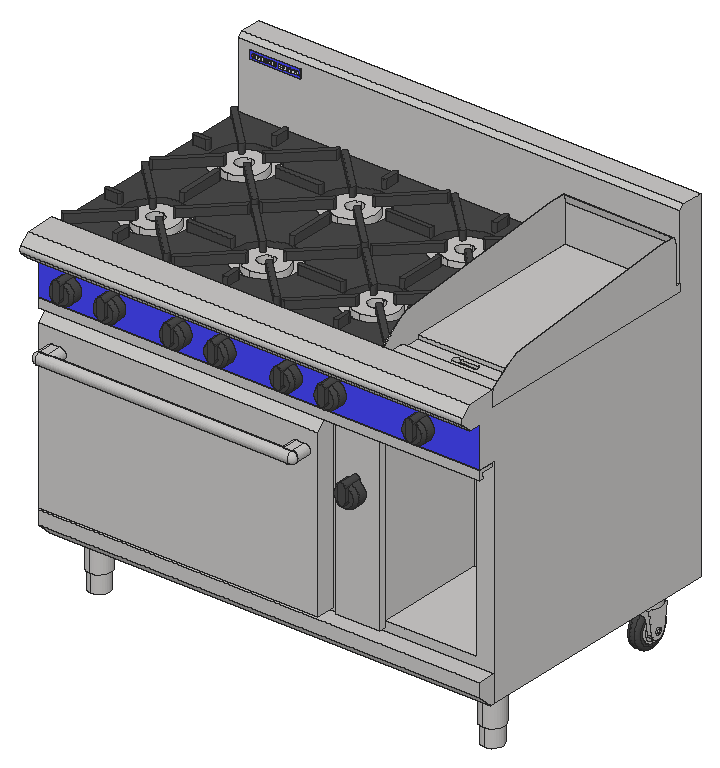
Revit family "QF_MOFFAT_BLUESEAL_CE_G508C", category Specialty Equipment, Revit 2012 (continued)
Lines and regions (mm)
  symbolic lines
    curve 117: arc (336.836, -45.185, 0) -> (331.836, -43.845, 0) -> (328.176, -40.185, 0) r 10
    curve 118: line (328.176, -40.185, 0) -> (324.134, -33.185, 0)
    curve 119: arc (324.134, -33.185, 0) -> (324.134, -23.185, 0) -> (332.794, -18.185, 0) r 10
    curve 120: line (260.753, -18.185, 0) -> (32.794, -18.185, 0)
    curve 121: arc (32.794, -18.185, 0) -> (24.134, -23.185, 0) -> (24.134, -33.185, 0) r 10
    curve 122: line (24.134, -33.185, 0) -> (28.176, -40.185, 0)
    curve 123: arc (28.176, -40.185, 0) -> (31.836, -43.845, 0) -> (36.836, -45.185, 0) r 10
    curve 124: line (36.836, -45.185, 0) -> (264.794, -45.185, 0)
    curve 125: arc (264.794, -45.185, 0) -> (273.455, -40.185, 0) -> (273.455, -30.185, 0) r 10
    curve 126: line (273.455, -30.185, 0) -> (269.413, -23.185, 0)
    curve 127: arc (269.413, -23.185, 0) -> (265.753, -19.525, 0) -> (260.753, -18.185, 0) r 10
    curve 128: line (0, -57.5, 0) -> (1200, -57.5, 0)
    curve 129: line (0, -783.97, 0) -> (1200, -783.97, 0)
  symbolic lines, style "QF_Door-Drawer Clearances", visible <- "Show Clearance"
    curve 65: line (0, -1218.847, 0) -> (760, -1218.847, 0)
    curve 66: line (760, -1218.847, 0) -> (760, -812, 0)
    curve 67: line (0, -1218.847, 0) -> (0, -812, 0)
Dimensions and locks
  equal spacing: plane 3 "LEFT", plane 7 "Center Y", plane 4 "RIGHT"
  "Width": plane 3 "LEFT" to plane 4 "RIGHT"
  equal spacing: plane 5 "FRONT", plane 8 "Center X", plane 1 "BACK"
  plane 5 "FRONT" to plane 1 "BACK" = 812 mm  (x2)
  equal spacing: plane 4 "RIGHT", plane 7 "Center Y", plane 3 "LEFT"
  plane 4 "RIGHT" to plane 3 "LEFT" = 1200 mm
  "Height": plane 6 "TOP" to level
  plane 10 to plane 1 "BACK" = 574.272 mm
  plane 12 to plane 1 "BACK" = 304.972 mm  (x2)
  plane 11 to plane 3 "LEFT" = 60 mm
  plane 14 to plane 3 "LEFT" = 74 mm
  plane 9 to plane 3 "LEFT" = 280 mm
  "Depth": plane 1 "BACK" to plane 15
  plane 5 "FRONT" to plane 15 = 0 mm
  plane 6 "TOP" to plane 2 = 970 mm
  plane 2 to Extrusion 1 sketch curve = 875 mm
  locked: plane 2 to Extrusion 1 sketch curve at 915
  locked: plane 4 "RIGHT" to plane 16 at 65.5
  Extrusion 8 sketch curve to plane 20 = 64.8 mm
  plane 21 to level = 1085 mm
  Revolve 34 sketch curve to Revolve 34 sketch curve = 50.8 mm
  Revolve 38 sketch curve to Revolve 38 sketch curve = 50.8 mm
  aligned and locked: level to plane 2
  aligned and locked: curve 3 to plane 4 "RIGHT"
  aligned and locked: Extrusion 1 to plane 4 "RIGHT"
  aligned and locked: plane 16 to Revolve 4
  aligned and locked: Extrusion 26 to Extrusion 2
Automatic sketch dimensions
  Extrusion 2 sketch curve to Extrusion 2 sketch curve = 24 mm
  Extrusion 2 sketch curve to Extrusion 2 sketch curve = 50 mm
  level to Extrusion 2 sketch curve = 227.5 mm
  Extrusion 3 sketch curve to Extrusion 3 sketch curve = 15 mm
  level to Extrusion 3 sketch curve = 227.5 mm
  Revolve 4 sketch curve to level = 0 mm
  Revolve 4 sketch curve to plane 10 = 82.478 mm
  Revolve 4 sketch curve to Revolve 4 sketch curve = 4.25 mm
  Revolve 4 sketch curve to Revolve 4 sketch curve = 27.5 mm  (x2)
  level to Revolve 4 sketch curve = 50 mm
  Revolve 4 sketch curve to Revolve 4 sketch curve = 0 mm
  Revolve 4 sketch curve to Revolve 4 sketch curve = 100 mm
  Revolve 4 sketch curve to Revolve 4 sketch curve = 55 mm
  Revolve 5 sketch curve to level = 0 mm
  Revolve 5 sketch curve to plane 10 = 82.478 mm
  Revolve 5 sketch curve to Revolve 5 sketch curve = 4.25 mm
  Revolve 5 sketch curve to Revolve 5 sketch curve = 27.5 mm  (x2)
  Revolve 5 sketch curve to level = 55 mm
  Revolve 5 sketch curve to Revolve 5 sketch curve = 50 mm
  Revolve 5 sketch curve to Revolve 5 sketch curve = 0 mm
  Revolve 5 sketch curve to Revolve 5 sketch curve = 100 mm
  plane 17 to Extrusion 6 sketch curve = 0 mm
  Extrusion 6 sketch curve to plane 16 = 64.5 mm
  Revolve 10 sketch curve to plane 5 "FRONT" = 19 mm
  Revolve 10 sketch curve to Revolve 10 sketch curve = 0 mm  (x2)
  Revolve 10 sketch curve to Revolve 10 sketch curve = 11 mm
  Revolve 10 sketch curve to Revolve 10 sketch curve = 12.7 mm
  Revolve 10 sketch curve to Revolve 10 sketch curve = 23 mm
  Revolve 10 sketch curve to Revolve 10 sketch curve = 10 mm
  plane 18 to Revolve 10 sketch curve = 141.882 mm
  Revolve 10 sketch curve to Revolve 10 sketch curve = 5 mm
  Revolve 10 sketch curve to Revolve 10 sketch curve = 26.651 mm
  Revolve 10 sketch curve to Revolve 10 sketch curve = 5.849 mm
  Revolve 11 sketch curve to plane 5 "FRONT" = 19 mm
  Revolve 11 sketch curve to Revolve 11 sketch curve = 0 mm  (x2)
  Revolve 11 sketch curve to Revolve 11 sketch curve = 11 mm
  Revolve 11 sketch curve to Revolve 11 sketch curve = 12.7 mm
  Revolve 11 sketch curve to Revolve 11 sketch curve = 23 mm
  Revolve 11 sketch curve to Revolve 11 sketch curve = 10 mm
  plane 18 to Revolve 11 sketch curve = 141.882 mm
  Revolve 11 sketch curve to Revolve 11 sketch curve = 5 mm
  Revolve 11 sketch curve to Revolve 11 sketch curve = 26.651 mm
  Revolve 11 sketch curve to Revolve 11 sketch curve = 5.849 mm
  Revolve 12 sketch curve to plane 5 "FRONT" = 19 mm
  Revolve 12 sketch curve to Revolve 12 sketch curve = 0 mm  (x2)
  Revolve 12 sketch curve to Revolve 12 sketch curve = 11 mm
  Revolve 12 sketch curve to Revolve 12 sketch curve = 12.7 mm
  Revolve 12 sketch curve to Revolve 12 sketch curve = 23 mm
  Revolve 12 sketch curve to Revolve 12 sketch curve = 10 mm
  plane 18 to Revolve 12 sketch curve = 174.382 mm
  Revolve 12 sketch curve to Revolve 12 sketch curve = 5.849 mm
  Revolve 12 sketch curve to Revolve 12 sketch curve = 27.5 mm
  Revolve 12 sketch curve to Revolve 12 sketch curve = 5 mm
  Revolve 13 sketch curve to plane 5 "FRONT" = 19 mm
  Revolve 13 sketch curve to Revolve 13 sketch curve = 0 mm  (x2)
  Revolve 13 sketch curve to Revolve 13 sketch curve = 11 mm
  Revolve 13 sketch curve to Revolve 13 sketch curve = 12.7 mm
  Revolve 13 sketch curve to Revolve 13 sketch curve = 23 mm
  Revolve 13 sketch curve to Revolve 13 sketch curve = 10 mm
  plane 18 to Revolve 13 sketch curve = 174.382 mm
  Revolve 13 sketch curve to Revolve 13 sketch curve = 5.849 mm
  Revolve 13 sketch curve to Revolve 13 sketch curve = 27.5 mm
  Revolve 13 sketch curve to Revolve 13 sketch curve = 5 mm
  Revolve 14 sketch curve to plane 5 "FRONT" = 19 mm
  Revolve 14 sketch curve to Revolve 14 sketch curve = 0 mm  (x2)
  Revolve 14 sketch curve to Revolve 14 sketch curve = 11 mm
  Revolve 14 sketch curve to Revolve 14 sketch curve = 12.7 mm
  Revolve 14 sketch curve to Revolve 14 sketch curve = 23 mm
  Revolve 14 sketch curve to Revolve 14 sketch curve = 10 mm
  plane 18 to Revolve 14 sketch curve = 174.382 mm
  Revolve 14 sketch curve to Revolve 14 sketch curve = 5.849 mm
  Revolve 14 sketch curve to Revolve 14 sketch curve = 27.5 mm
  Revolve 14 sketch curve to Revolve 14 sketch curve = 5 mm
  Revolve 15 sketch curve to plane 5 "FRONT" = 19 mm
  Revolve 15 sketch curve to Revolve 15 sketch curve = 0 mm  (x2)
  Revolve 15 sketch curve to Revolve 15 sketch curve = 11 mm
  Revolve 15 sketch curve to Revolve 15 sketch curve = 12.7 mm
  Revolve 15 sketch curve to Revolve 15 sketch curve = 23 mm
  Revolve 15 sketch curve to Revolve 15 sketch curve = 10 mm
  plane 18 to Revolve 15 sketch curve = 174.382 mm
  Revolve 15 sketch curve to Revolve 15 sketch curve = 5.849 mm
  Revolve 15 sketch curve to Revolve 15 sketch curve = 27.5 mm
  Revolve 15 sketch curve to Revolve 15 sketch curve = 5 mm
  Revolve 16 sketch curve to plane 5 "FRONT" = 19 mm
  Revolve 16 sketch curve to Revolve 16 sketch curve = 0 mm  (x2)
  Revolve 16 sketch curve to Revolve 16 sketch curve = 11 mm
  Revolve 16 sketch curve to Revolve 16 sketch curve = 12.7 mm
  Revolve 16 sketch curve to Revolve 16 sketch curve = 23 mm
  Revolve 16 sketch curve to Revolve 16 sketch curve = 10 mm
  plane 18 to Revolve 16 sketch curve = 141.882 mm
  Revolve 16 sketch curve to Revolve 16 sketch curve = 5 mm
  Revolve 16 sketch curve to Revolve 16 sketch curve = 26.651 mm
  Revolve 16 sketch curve to Revolve 16 sketch curve = 5.849 mm
  plane 14 to Extrusion 17 sketch curve = 26.156 mm
  plane 14 to Extrusion 17 sketch curve = 16.156 mm
  plane 18 to Extrusion 17 sketch curve = 168.882 mm
  Extrusion 17 sketch curve to Extrusion 17 sketch curve = 35 mm
  Extrusion 18 sketch curve to plane 9 = 59.844 mm
  Extrusion 18 sketch curve to Extrusion 18 sketch curve = 10 mm
  plane 18 to Extrusion 18 sketch curve = 168.882 mm
  Extrusion 18 sketch curve to Extrusion 18 sketch curve = 35 mm
  plane 9 to Extrusion 19 sketch curve = 120.132 mm
  Extrusion 19 sketch curve to Extrusion 19 sketch curve = 10 mm
  plane 18 to Extrusion 19 sketch curve = 168.882 mm
  Extrusion 19 sketch curve to Extrusion 19 sketch curve = 35 mm
  Extrusion 20 sketch curve to plane 7 "Center Y" = 79.868 mm
  Extrusion 20 sketch curve to Extrusion 20 sketch curve = 10 mm
  plane 18 to Extrusion 20 sketch curve = 168.882 mm
  Extrusion 20 sketch curve to Extrusion 20 sketch curve = 35 mm
  plane 7 "Center Y" to Extrusion 21 sketch curve = 100.108 mm
  Extrusion 21 sketch curve to Extrusion 21 sketch curve = 10 mm
  plane 18 to Extrusion 21 sketch curve = 168.882 mm
  Extrusion 21 sketch curve to Extrusion 21 sketch curve = 35 mm
  plane 7 "Center Y" to Extrusion 22 sketch curve = 220.108 mm
  Extrusion 22 sketch curve to Extrusion 22 sketch curve = 10 mm
  plane 18 to Extrusion 22 sketch curve = 168.882 mm
  Extrusion 22 sketch curve to Extrusion 22 sketch curve = 35 mm
  Extrusion 23 sketch curve to plane 16 = 74.993 mm
  Extrusion 23 sketch curve to Extrusion 23 sketch curve = 10 mm
  plane 18 to Extrusion 23 sketch curve = 168.882 mm
  Extrusion 23 sketch curve to Extrusion 23 sketch curve = 35 mm
  Revolve 24 sketch curve to plane 5 "FRONT" = 54 mm
  Revolve 24 sketch curve to Revolve 24 sketch curve = 0 mm  (x2)
  Revolve 24 sketch curve to Revolve 24 sketch curve = 11 mm
  Revolve 24 sketch curve to Revolve 24 sketch curve = 12.7 mm
  Revolve 24 sketch curve to Revolve 24 sketch curve = 23 mm
  Revolve 24 sketch curve to Revolve 24 sketch curve = 10 mm
  Revolve 24 sketch curve to plane 18 = 104.368 mm
  Revolve 24 sketch curve to Revolve 24 sketch curve = 5 mm
  Revolve 24 sketch curve to Revolve 24 sketch curve = 26.651 mm
  Revolve 24 sketch curve to Revolve 24 sketch curve = 5.849 mm
  plane 7 "Center Y" to Extrusion 25 sketch curve = 227.344 mm
  Extrusion 25 sketch curve to Extrusion 25 sketch curve = 10 mm
  Extrusion 25 sketch curve to plane 18 = 112.368 mm
  Extrusion 25 sketch curve to Extrusion 25 sketch curve = 35 mm
  Extrusion 7 sketch curve to Extrusion 1 = 50 mm
  Extrusion 1 to Extrusion 7 sketch curve = 60.219 mm
  Extrusion 1 to Extrusion 7 sketch curve = 96 mm
  Extrusion 7 sketch curve to Extrusion 7 sketch curve = 250 mm
  Extrusion 26 sketch curve to Extrusion 2 = 0 mm  (x2)
  Extrusion 26 sketch curve to Extrusion 26 sketch curve = 469.847 mm
  Extrusion 27 sketch curve to plane 16 = 0.512 mm
  Extrusion 27 sketch curve to Extrusion 27 sketch curve = 81 mm
  Extrusion 27 sketch curve to plane 17 = 6.76 mm
  Extrusion 27 sketch curve to Extrusion 27 sketch curve = 48.5 mm
  Extrusion 27 sketch curve to plane 1 "BACK" = 30.24 mm
  Extrusion 27 sketch curve to plane 17 = 55.26 mm
  Extrusion 3 sketch curve to plane 5 "FRONT" = 98 mm
  plane 18 to Extrusion 3 sketch curve = 45 mm
  Extrusion 28 sketch curve to plane 11 = 1.472 mm
  Extrusion 28 sketch curve to plane 18 = 46.875 mm  (x2)
  Extrusion 28 sketch curve to Extrusion 28 sketch curve = 15 mm  (x2)
  plane 7 "Center Y" to Extrusion 28 sketch curve = 102.757 mm
  Extrusion 28 sketch curve to Extrusion 28 sketch curve = 20.282 mm  (x2)
  Revolve 29 sketch curve to plane 3 "LEFT" = 6.961 mm
  plane 3 "LEFT" to Revolve 29 sketch curve = 23.246 mm
  Revolve 29 sketch curve to plane 18 = 16.875 mm
  Revolve 29 sketch curve to Revolve 29 sketch curve = 15 mm
  Revolve 29 sketch curve to plane 7 "Center Y" = 11.961 mm
  plane 7 "Center Y" to Revolve 29 sketch curve = 123.039 mm
  Revolve 29 sketch curve to Revolve 29 sketch curve = 0 mm
  Extrusion 30 sketch curve to Extrusion 30 sketch curve = 0 mm  (x13)
  Extrusion 1 to Extrusion 30 sketch curve = 167.5 mm  (x3)
  Extrusion 30 sketch curve to Extrusion 1 = 167.5 mm  (x3)
  Extrusion 1 to Extrusion 30 sketch curve = 150 mm  (x2)
  Extrusion 30 sketch curve to Extrusion 30 sketch curve = 300 mm  (x3)
  plane 22 to Extrusion 8 sketch curve = 0 mm
  Extrusion 8 sketch curve to plane 22 = 3 mm  (x2)
  plane 10 to Extrusion 8 sketch curve = 36.504 mm  (x3)
  plane 12 to Extrusion 8 sketch curve = 67.472 mm  (x3)
  Extrusion 8 sketch curve to plane 17 = 42 mm  (x2)
  plane 4 "RIGHT" to Extrusion 8 sketch curve = 303 mm
  plane 14 to Extrusion 8 sketch curve = 76 mm  (x2)
  Extrusion 8 sketch curve to plane 7 "Center Y" = 150 mm  (x2)
  plane 7 "Center Y" to Extrusion 8 sketch curve = 150 mm  (x2)
  Split face 1 sketch curve to cut or joined group of Extrusion 1, Extrusion 7, Extrusion 27 = 27.315 mm
  Split face 1 sketch curve to cut or joined group of Extrusion 1, Extrusion 7, Extrusion 27 = 926.545 mm
  Split face 1 sketch curve to cut or joined group of Extrusion 1, Extrusion 7, Extrusion 27 = 23.185 mm
  Split face 1 sketch curve to Split face 1 sketch curve = 4.041 mm  (x4)
  Split face 1 sketch curve to Split face 1 sketch curve = 8.66 mm  (x2)
  Split face 1 sketch curve to cut or joined group of Extrusion 1, Extrusion 7, Extrusion 27 = 22.315 mm
  Split face 1 sketch curve to Split face 1 sketch curve = 223.917 mm
  Split face 1 sketch curve to cut or joined group of Extrusion 1, Extrusion 7, Extrusion 27 = 17.315 mm
  Split face 1 sketch curve to Split face 1 sketch curve = 17 mm
  Split face 1 sketch curve to Split face 1 sketch curve = 7 mm
  Split face 2 sketch curve to cut or joined group of Extrusion 1, Extrusion 7, Extrusion 27 = 27.315 mm
  Split face 2 sketch curve to cut or joined group of Extrusion 1, Extrusion 7, Extrusion 27 = 626.545 mm
  Split face 2 sketch curve to cut or joined group of Extrusion 1, Extrusion 7, Extrusion 27 = 23.185 mm
  Split face 2 sketch curve to Split face 2 sketch curve = 4.041 mm  (x4)
  Split face 2 sketch curve to Split face 2 sketch curve = 8.66 mm  (x2)
  Split face 2 sketch curve to cut or joined group of Extrusion 1, Extrusion 7, Extrusion 27 = 22.315 mm
  Split face 2 sketch curve to Split face 2 sketch curve = 223.917 mm
  Split face 2 sketch curve to cut or joined group of Extrusion 1, Extrusion 7, Extrusion 27 = 17.315 mm
  Split face 2 sketch curve to Split face 2 sketch curve = 17 mm
  Split face 2 sketch curve to Split face 2 sketch curve = 7 mm
  Split face 3 sketch curve to cut or joined group of Extrusion 1, Extrusion 7, Extrusion 27 = 27.315 mm
  Split face 3 sketch curve to cut or joined group of Extrusion 1, Extrusion 7, Extrusion 27 = 326.545 mm
  Split face 3 sketch curve to cut or joined group of Extrusion 1, Extrusion 7, Extrusion 27 = 23.185 mm
  Split face 3 sketch curve to Split face 3 sketch curve = 4.041 mm  (x4)
  Split face 3 sketch curve to Split face 3 sketch curve = 8.66 mm  (x2)
  Split face 3 sketch curve to cut or joined group of Extrusion 1, Extrusion 7, Extrusion 27 = 22.315 mm
  Split face 3 sketch curve to Split face 3 sketch curve = 223.917 mm
  Split face 3 sketch curve to cut or joined group of Extrusion 1, Extrusion 7, Extrusion 27 = 17.315 mm
  Split face 3 sketch curve to Split face 3 sketch curve = 17 mm
  Split face 3 sketch curve to Split face 3 sketch curve = 7 mm
  Split face 4 sketch curve to cut or joined group of Extrusion 1, Extrusion 7, Extrusion 27 = 27.315 mm
  Split face 4 sketch curve to cut or joined group of Extrusion 1, Extrusion 7, Extrusion 27 = 26.545 mm
  Split face 4 sketch curve to cut or joined group of Extrusion 1, Extrusion 7, Extrusion 27 = 23.185 mm
  Split face 4 sketch curve to Split face 4 sketch curve = 4.041 mm  (x4)
  Split face 4 sketch curve to Split face 4 sketch curve = 8.66 mm  (x2)
  Split face 4 sketch curve to cut or joined group of Extrusion 1, Extrusion 7, Extrusion 27 = 22.315 mm
  Split face 4 sketch curve to Split face 4 sketch curve = 223.917 mm
  Split face 4 sketch curve to cut or joined group of Extrusion 1, Extrusion 7, Extrusion 27 = 17.315 mm
  Split face 4 sketch curve to Split face 4 sketch curve = 17 mm
  Split face 4 sketch curve to Split face 4 sketch curve = 7 mm
  Extrusion 9 sketch curve to plane 17 = 61.602 mm  (x4)
  plane 9 to Extrusion 9 sketch curve = 4.847 mm  (x3)
  Extrusion 9 sketch curve to Extrusion 9 sketch curve = 0 mm  (x15)
  plane 3 "LEFT" to Extrusion 9 sketch curve = 15.153 mm
  Extrusion 9 sketch curve to plane 7 "Center Y" = 15.153 mm  (x3)
  plane 7 "Center Y" to Extrusion 9 sketch curve = 15.153 mm
  Extrusion 9 sketch curve to Extrusion 9 sketch curve = 4.525 mm  (x36)
  Extrusion 9 sketch curve to plane 17 = 67.398 mm  (x3)
  Extrusion 9 sketch curve to Extrusion 9 sketch curve = 36.204 mm  (x3)
  Extrusion 9 sketch curve to Extrusion 9 sketch curve = 65.923 mm  (x3)
  Extrusion 9 sketch curve to plane 11 = 9.416 mm  (x2)
  Extrusion 9 sketch curve to Extrusion 9 sketch curve = 19.533 mm
  Extrusion 9 sketch curve to Extrusion 9 sketch curve = 20.524 mm  (x11)
  Extrusion 9 sketch curve to Extrusion 9 sketch curve = 6.4 mm  (x17)
  plane 12 to Extrusion 9 sketch curve = 40.548 mm  (x6)
  Extrusion 9 sketch curve to plane 12 = 24.426 mm  (x3)
  Extrusion 9 sketch curve to plane 13 = 7.374 mm  (x6)
  plane 8 "Center X" to Extrusion 9 sketch curve = 8.898 mm  (x6)
  plane 8 "Center X" to Extrusion 9 sketch curve = 4.372 mm  (x6)
  Extrusion 9 sketch curve to plane 8 "Center X" = 43.102 mm  (x3)
  Extrusion 9 sketch curve to Extrusion 9 sketch curve = 55.923 mm  (x9)
  plane 10 to Extrusion 9 sketch curve = 43.646 mm
  plane 10 to Extrusion 9 sketch curve = 43.172 mm  (x3)
  plane 10 to Extrusion 9 sketch curve = 9.848 mm  (x6)
  plane 10 to Extrusion 9 sketch curve = 5.323 mm  (x6)
  Extrusion 9 sketch curve to plane 10 = 65.126 mm  (x3)
  plane 9 to Extrusion 9 sketch curve = 13.898 mm
  Extrusion 9 sketch curve to plane 22 = 32.653 mm  (x4)
  plane 7 "Center Y" to Extrusion 9 sketch curve = 6.102 mm  (x3)
  Extrusion 9 sketch curve to plane 7 "Center Y" = 6.102 mm
  plane 3 "LEFT" to Extrusion 9 sketch curve = 6.102 mm  (x3)
  Extrusion 9 sketch curve to plane 22 = 29.398 mm  (x3)
  plane 3 "LEFT" to Extrusion 9 sketch curve = 16.591 mm  (x2)
  plane 14 to Extrusion 9 sketch curve = 40.025 mm  (x4)
  plane 14 to Extrusion 9 sketch curve = 69.6 mm
  Extrusion 9 sketch curve to Extrusion 9 sketch curve = 53.847 mm  (x12)
  Extrusion 9 sketch curve to plane 9 = 38.102 mm  (x2)
  Extrusion 9 sketch curve to Extrusion 9 sketch curve = 12.205 mm  (x4)
  plane 9 to Extrusion 9 sketch curve = 78.102 mm  (x2)
  Extrusion 9 sketch curve to plane 7 "Center Y" = 58.102 mm  (x2)
  plane 7 "Center Y" to Extrusion 9 sketch curve = 58.102 mm  (x2)
  Extrusion 9 sketch curve to Extrusion 9 sketch curve = 128.447 mm  (x3)
  Extrusion 9 sketch curve to Extrusion 9 sketch curve = 49.974 mm  (x2)
  Extrusion 8 sketch curve to Extrusion 8 sketch curve = 3 mm
  curve 22 to curve 68 = 0 mm
  curve 23 to curve 69 = 0 mm
  curve 23 to curve 84 = 0 mm
  curve 24 to curve 90 = 0 mm
  curve 25 to curve 90 = 0 mm
  curve 31 to curve 86 = 0 mm
  curve 32 to curve 71 = 0 mm  (x2)
  curve 33 to curve 76 = 0 mm  (x2)
  curve 33 to curve 89 = 0 mm
  curve 61 to curve 93 = 0 mm
  curve 62 to curve 93 = 0 mm
  curve 63 to curve 94 = 0 mm
  curve 64 to curve 95 = 0 mm
  curve 68 to curve 85 = 0 mm
  curve 70 to curve 86 = 0 mm
  curve 77 to curve 89 = 0 mm
  plane 1 "BACK" to curve 1 = 0 mm
  curve 1 to plane 3 "LEFT" = 0 mm
  plane 5 "FRONT" to curve 9 = 0 mm
  plane 22 to curve 80 = 0 mm
  curve 82 to plane 7 "Center Y" = 0 mm
  plane 3 "LEFT" to curve 18 = 6.08 mm
  plane 3 "LEFT" to curve 12 = 6.08 mm
  plane 3 "LEFT" to curve 14 = 6.83 mm
  plane 3 "LEFT" to curve 20 = 9.883 mm
  plane 3 "LEFT" to curve 59 = 14.678 mm
  plane 3 "LEFT" to curve 60 = 14.678 mm
  plane 3 "LEFT" to curve 9 = 22.65 mm
  curve 122 to plane 17 = 1.185 mm
  plane 3 "LEFT" to curve 122 = 24.134 mm
  curve 121 to curve 123 = 4.041 mm
  curve 121 to curve 120 = 8.66 mm
  curve 123 to curve 124 = 8.66 mm
  curve 9 to plane 11 = 11.111 mm
  curve 59 to plane 11 = 10.322 mm
  curve 60 to plane 11 = 10.322 mm
  curve 9 to plane 11 = 9.192 mm
  plane 10 to curve 20 = 8.826 mm
  plane 14 to curve 20 = 47.515 mm
  plane 14 to curve 12 = 47.515 mm
  plane 14 to curve 18 = 47.515 mm
  plane 14 to curve 14 = 47.515 mm
  curve 20 to curve 54 = 27.682 mm
  plane 14 to curve 53 = 75.197 mm
  curve 48 to plane 12 = 20.285 mm
  curve 14 to curve 48 = 28.103 mm
  curve 54 to curve 72 = 0.803 mm
  plane 12 to curve 22 = 10.472 mm
  curve 48 to curve 22 = 0.382 mm
  curve 24 to curve 72 = 0 mm
  curve 84 to curve 13 = 28.485 mm
  plane 10 to curve 21 = 8.826 mm
  curve 90 to curve 21 = 28.485 mm
  plane 12 to curve 15 = 39.794 mm
  curve 84 to curve 15 = 28.485 mm
  curve 90 to curve 19 = 28.485 mm
  curve 16 to plane 9 = 42.22 mm
  curve 17 to plane 9 = 42.22 mm
  plane 17 to curve 127 = 3.815 mm
  curve 127 to plane 9 = 19.247 mm
  curve 125 to plane 17 = 3.185 mm
  curve 127 to curve 125 = 4.041 mm
  curve 127 to curve 126 = 8.66 mm
  plane 17 to curve 125 = 1.815 mm
  curve 125 to plane 9 = 6.545 mm
  plane 9 to curve 21 = 11.622 mm
  plane 9 to curve 15 = 12.516 mm
  plane 9 to curve 13 = 13.92 mm
  plane 9 to curve 19 = 13.92 mm
  plane 9 to curve 80 = 20.232 mm
  curve 13 to curve 26 = 12.16 mm
  plane 8 "Center X" to curve 40 = 7.845 mm
  curve 19 to curve 40 = 12.16 mm
  curve 15 to curve 28 = 14.753 mm
  curve 21 to curve 42 = 16.756 mm
  curve 119 to plane 17 = 1.185 mm
  plane 9 to curve 119 = 44.134 mm
  curve 118 to plane 17 = 8.185 mm
  curve 118 to curve 118 = 4.041 mm
  plane 17 to curve 119 = 13.815 mm
  curve 119 to curve 119 = 8.66 mm
  curve 117 to plane 17 = 3.185 mm
  curve 119 to curve 117 = 4.041 mm
  plane 10 to curve 17 = 36.462 mm
  plane 9 to curve 17 = 82.78 mm
  plane 9 to curve 16 = 82.78 mm
  plane 10 to curve 40 = 64.183 mm
  curve 17 to curve 40 = 58.735 mm
  plane 10 to curve 42 = 8.826 mm
  curve 42 to curve 40 = 0 mm
  plane 12 to curve 28 = 39.794 mm
  curve 16 to curve 28 = 58.735 mm
  curve 26 to curve 28 = 0 mm
  curve 56 to plane 22 = 30.193 mm
  curve 42 to curve 56 = 27.682 mm
  curve 26 to curve 55 = 27.682 mm
  curve 49 to plane 12 = 20.285 mm
  curve 28 to curve 49 = 28.103 mm
  curve 26 to curve 87 = 28.485 mm
  curve 40 to curve 61 = 28.485 mm
  curve 56 to curve 75 = 0.803 mm
  plane 12 to curve 29 = 39.794 mm
  curve 87 to curve 29 = 28.485 mm
  plane 10 to curve 43 = 8.826 mm
  curve 92 to curve 43 = 28.485 mm
  curve 87 to curve 27 = 28.485 mm
  curve 92 to curve 41 = 28.485 mm
  curve 30 to plane 7 "Center Y" = 62.22 mm
  curve 51 to plane 7 "Center Y" = 62.22 mm
  plane 17 to curve 113 = 3.815 mm
  curve 113 to plane 7 "Center Y" = 39.247 mm
  curve 115 to plane 17 = 3.185 mm
  curve 113 to curve 115 = 4.041 mm
  plane 17 to curve 113 = 8.815 mm
  plane 17 to curve 115 = 1.815 mm
  curve 29 to plane 7 "Center Y" = 7.327 mm
  curve 43 to plane 7 "Center Y" = 6.445 mm
  curve 41 to plane 7 "Center Y" = 6.08 mm
  curve 27 to plane 7 "Center Y" = 6.08 mm
  plane 7 "Center Y" to curve 35 = 6.08 mm
  plane 7 "Center Y" to curve 44 = 6.08 mm
  plane 7 "Center Y" to curve 46 = 7.19 mm
  plane 7 "Center Y" to curve 37 = 7.348 mm
  curve 110 to plane 17 = 1.185 mm
  plane 7 "Center Y" to curve 110 = 24.134 mm
  curve 111 to curve 109 = 4.041 mm  (x2)
  plane 17 to curve 104 = 13.815 mm
  curve 111 to curve 104 = 8.66 mm
  curve 109 to plane 17 = 3.185 mm
  plane 7 "Center Y" to curve 30 = 62.78 mm
  plane 7 "Center Y" to curve 51 = 62.78 mm
  curve 11 to plane 5 "FRONT" = 14.544 mm
  plane 7 "Center Y" to curve 11 = 118.108 mm
  curve 51 to curve 44 = 58.735 mm
  plane 10 to curve 46 = 8.826 mm
  curve 46 to curve 44 = 0 mm
  curve 30 to curve 35 = 58.735 mm
  plane 12 to curve 37 = 39.794 mm
  curve 37 to curve 35 = 0 mm
  curve 10 to curve 11 = 25.191 mm
  curve 35 to curve 57 = 27.682 mm
  curve 46 to curve 58 = 27.682 mm
  curve 50 to plane 12 = 20.285 mm
  curve 37 to curve 50 = 28.103 mm
  curve 50 to curve 64 = 0.382 mm
  curve 37 to curve 34 = 28.485 mm
  curve 50 to curve 79 = 0.382 mm
  curve 11 to curve 66 = 16.7 mm
  plane 12 to curve 38 = 39.794 mm
  curve 89 to curve 38 = 28.485 mm
  plane 10 to curve 45 = 64.183 mm
  curve 94 to curve 45 = 28.485 mm
  curve 89 to curve 36 = 28.485 mm
  plane 10 to curve 47 = 8.826 mm
  curve 95 to curve 47 = 28.485 mm
  curve 47 to curve 52 = 59.295 mm
  curve 38 to curve 39 = 59.295 mm
  curve 57 to curve 105 = 111.556 mm
  curve 107 to plane 17 = 3.185 mm
  curve 105 to curve 107 = 4.041 mm
  plane 17 to curve 106 = 8.815 mm
  curve 105 to curve 106 = 8.66 mm
  plane 17 to curve 107 = 1.815 mm
  curve 106 to curve 107 = 4.041 mm
  curve 47 to plane 22 = 24.95 mm
  curve 58 to curve 47 = 143.891 mm
  plane 8 "Center X" to curve 45 = 7.845 mm
  curve 52 to curve 45 = 56.14 mm
  curve 38 to plane 13 = 15.641 mm
  curve 38 to curve 45 = 0 mm
  curve 36 to plane 17 = 62.387 mm
  curve 107 to curve 36 = 29.126 mm
  curve 39 to curve 39 = 58.527 mm
  curve 52 to curve 52 = 58.637 mm
  curve 36 to curve 83 = 6.08 mm
  curve 98 to plane 17 = 1.185 mm
  curve 83 to curve 98 = 24.134 mm
  curve 98 to plane 17 = 8.185 mm
  curve 98 to curve 98 = 4.041 mm
  curve 97 to curve 97 = 8.66 mm
  curve 99 to plane 17 = 3.185 mm
  curve 97 to curve 99 = 4.041 mm
  plane 17 to curve 103 = 13.815 mm
  plane 16 to curve 103 = 26.253 mm
  curve 103 to curve 101 = 4.041 mm
  curve 103 to curve 103 = 8.66 mm
  plane 17 to curve 102 = 1.815 mm
  curve 102 to curve 102 = 4.041 mm
  curve 65 to curve 10 = 392.303 mm
  plane 22 to curve 6 = 3.3 mm
  curve 43 to plane 22 = 24.484 mm
  curve 43 to curve 46 = 0.745 mm
  curve 42 to plane 22 = 26.417 mm
  curve 21 to curve 42 = 0 mm
  curve 20 to plane 22 = 27.922 mm
  curve 54 to plane 22 = 30.193 mm
  curve 58 to plane 22 = 30.193 mm
  curve 58 to curve 58 = 40 mm
  curve 54 to curve 54 = 40 mm
  curve 56 to curve 56 = 40 mm
  curve 56 to curve 74 = 12.039 mm
  curve 58 to curve 78 = 12.039 mm
  curve 54 to curve 73 = 12.039 mm
  curve 62 to plane 10 = 20.228 mm
  curve 64 to plane 10 = 20.228 mm
  curve 24 to plane 10 = 20.228 mm
  plane 10 to curve 95 = 14.772 mm
  plane 10 to curve 92 = 14.772 mm
  plane 10 to curve 90 = 14.772 mm
  plane 10 to curve 51 = 36.462 mm
  plane 10 to curve 52 = 36.462 mm
  curve 94 to curve 78 = 21.732 mm
  curve 92 to curve 75 = 21.732 mm
  curve 90 to curve 72 = 21.732 mm
  curve 72 to curve 90 = 0.268 mm
  curve 78 to curve 95 = 0.268 mm
  curve 74 to curve 93 = 0.268 mm
  plane 10 to curve 60 = 37.763 mm
  curve 90 to curve 19 = 5.411 mm
  curve 92 to curve 41 = 5.411 mm
  curve 91 to curve 18 = 5.411 mm
  curve 94 to curve 44 = 5.411 mm
  curve 78 to curve 50 = 2.51 mm
  curve 72 to curve 48 = 2.51 mm
  curve 74 to curve 49 = 2.51 mm
  plane 8 "Center X" to curve 19 = 7.845 mm
  plane 8 "Center X" to curve 41 = 7.845 mm
  plane 8 "Center X" to curve 44 = 7.845 mm
  plane 8 "Center X" to curve 18 = 7.845 mm
  curve 18 to curve 81 = 7.846 mm
  curve 81 to curve 14 = 10.445 mm
  curve 28 to plane 13 = 14.452 mm
  curve 29 to plane 13 = 14.394 mm
  curve 37 to plane 13 = 14.373 mm
  curve 15 to plane 13 = 14.238 mm
  curve 49 to curve 70 = 2.758 mm
  curve 48 to curve 69 = 2.758 mm
  curve 50 to curve 76 = 2.758 mm
  plane 12 to curve 33 = 10.472 mm
  plane 12 to curve 32 = 10.472 mm
  plane 12 to curve 14 = 39.794 mm
  curve 15 to curve 84 = 5.678 mm
  curve 29 to curve 87 = 5.678 mm
  curve 37 to curve 88 = 5.678 mm
  curve 15 to curve 16 = 27.368 mm
  curve 37 to curve 30 = 27.368 mm
  curve 38 to curve 39 = 27.368 mm
  curve 88 to curve 34 = 22 mm
  curve 86 to curve 86 = 22 mm
  curve 84 to curve 23 = 22 mm
  plane 12 to curve 59 = 68.463 mm
  curve 89 to curve 36 = 5.678 mm
  curve 86 to curve 26 = 5.678 mm
  curve 87 to curve 27 = 5.678 mm
  curve 84 to curve 13 = 5.678 mm
  curve 85 to curve 12 = 5.678 mm
  curve 88 to curve 35 = 5.678 mm
  curve 77 to curve 57 = 12.693 mm
  curve 70 to curve 55 = 12.693 mm
  curve 68 to curve 53 = 12.693 mm
  curve 57 to curve 57 = 45 mm
  curve 55 to curve 55 = 45 mm
  curve 53 to curve 53 = 45 mm
  curve 13 to curve 125 = 49.201 mm
  curve 13 to curve 26 = 0 mm
  curve 27 to curve 115 = 49.201 mm
  curve 27 to curve 35 = 0 mm
  curve 12 to curve 123 = 49.201 mm
  curve 26 to curve 80 = 21.653 mm
  curve 8 to curve 4 = 2.734 mm
  curve 122 to curve 121 = 7 mm
  plane 17 to curve 103 = 3.815 mm
  plane 17 to curve 121 = 3.815 mm
  Extrusion 31 sketch curve to plane 17 = 99.75 mm
  Extrusion 31 sketch curve to Extrusion 31 sketch curve = 12.357 mm
  Extrusion 31 sketch curve to Extrusion 31 sketch curve = 19.393 mm  (x2)
  level to Extrusion 31 sketch curve = 45.111 mm
  Extrusion 31 sketch curve to plane 17 = 36.25 mm
  Extrusion 31 sketch curve to Extrusion 31 sketch curve = 4.889 mm
  Extrusion 31 sketch curve to Extrusion 31 sketch curve = 64.889 mm
  Revolve 32 sketch curve to plane 17 = 103.75 mm
  Revolve 32 sketch curve to plane 17 = 68 mm
  Revolve 32 sketch curve to Revolve 32 sketch curve = 35.75 mm
  Revolve 32 sketch curve to level = 55 mm
  level to Revolve 32 sketch curve = 50 mm
  Revolve 32 sketch curve to Revolve 32 sketch curve = 60 mm
  Revolve 32 sketch curve to Revolve 32 sketch curve = 40 mm
  Revolve 33 sketch curve to plane 17 = 103.75 mm
  Revolve 33 sketch curve to plane 17 = 68 mm
  Revolve 33 sketch curve to Revolve 33 sketch curve = 35.75 mm
  level to Revolve 33 sketch curve = 150 mm
  Revolve 33 sketch curve to Revolve 33 sketch curve = 40 mm
  level to Revolve 33 sketch curve = 50 mm
  Revolve 33 sketch curve to level = 55 mm
  Revolve 34 sketch curve to plane 16 = 34.382 mm
  Revolve 34 sketch curve to Revolve 34 sketch curve = 1.27 mm  (x4)
  Revolve 34 sketch curve to Revolve 34 sketch curve = 1.524 mm  (x2)
  Revolve 34 sketch curve to Revolve 34 sketch curve = 12.146 mm  (x2)
  Revolve 34 sketch curve to plane 16 = 16.68 mm
  Revolve 34 sketch curve to Revolve 34 sketch curve = 0.794 mm  (x2)
  Revolve 34 sketch curve to Revolve 34 sketch curve = 3.57 mm
  Revolve 34 sketch curve to Revolve 34 sketch curve = 2.143 mm
  Revolve 34 sketch curve to plane 16 = 6.361 mm
  plane 16 to Revolve 34 sketch curve = 5.13 mm
  plane 16 to Revolve 34 sketch curve = 6.339 mm
  plane 16 to Revolve 34 sketch curve = 14.515 mm
  Revolve 34 sketch curve to Revolve 34 sketch curve = 1.349 mm  (x2)
  Revolve 34 sketch curve to Revolve 34 sketch curve = 3.556 mm
  Revolve 34 sketch curve to plane 4 "RIGHT" = 2.18 mm
  level to Revolve 34 sketch curve = 50.8 mm
  Revolve 34 sketch curve to Revolve 34 sketch curve = 0 mm
  Revolve 34 sketch curve to Revolve 34 sketch curve = 3.505 mm  (x2)
  Revolve 34 sketch curve to Revolve 34 sketch curve = 3.447 mm  (x2)
  Revolve 34 sketch curve to Revolve 34 sketch curve = 9.964 mm
  Revolve 34 sketch curve to Revolve 34 sketch curve = 10.045 mm
  Revolve 34 sketch curve to Revolve 34 sketch curve = 2.053 mm
  Revolve 34 sketch curve to Revolve 34 sketch curve = 2.061 mm
  Revolve 34 sketch curve to Revolve 34 sketch curve = 8.247 mm
  Revolve 34 sketch curve to Revolve 34 sketch curve = 8.336 mm
  Revolve 34 sketch curve to Revolve 34 sketch curve = 6.35 mm  (x2)
  Extrusion 35 sketch curve to plane 17 = 99.75 mm
  Extrusion 35 sketch curve to Extrusion 35 sketch curve = 12.357 mm
  Extrusion 35 sketch curve to Extrusion 35 sketch curve = 19.393 mm  (x2)
  level to Extrusion 35 sketch curve = 45.111 mm
  Extrusion 35 sketch curve to plane 17 = 36.25 mm
  Extrusion 35 sketch curve to Extrusion 35 sketch curve = 4.889 mm
  Extrusion 35 sketch curve to Extrusion 35 sketch curve = 64.889 mm
  Revolve 36 sketch curve to level = 0 mm
  Revolve 36 sketch curve to plane 17 = 99.75 mm
  Revolve 36 sketch curve to Revolve 36 sketch curve = 4.25 mm
  Revolve 36 sketch curve to Revolve 36 sketch curve = 27.5 mm  (x2)
  Revolve 36 sketch curve to level = 55 mm
  Revolve 36 sketch curve to Revolve 36 sketch curve = 50 mm
  Revolve 36 sketch curve to Revolve 36 sketch curve = 0 mm
  Revolve 36 sketch curve to Revolve 36 sketch curve = 100 mm
  Revolve 37 sketch curve to level = 0 mm
  Revolve 37 sketch curve to plane 17 = 99.75 mm
  Revolve 37 sketch curve to Revolve 37 sketch curve = 4.25 mm
  Revolve 37 sketch curve to Revolve 37 sketch curve = 27.5 mm  (x2)
  level to Revolve 37 sketch curve = 50 mm
  Revolve 37 sketch curve to Revolve 37 sketch curve = 0 mm
  Revolve 37 sketch curve to Revolve 37 sketch curve = 100 mm
  Revolve 37 sketch curve to Revolve 37 sketch curve = 55 mm
  plane 14 to Revolve 38 sketch curve = 25.382 mm
  Revolve 38 sketch curve to Revolve 38 sketch curve = 1.27 mm  (x4)
  Revolve 38 sketch curve to Revolve 38 sketch curve = 1.524 mm  (x2)
  plane 14 to Revolve 38 sketch curve = 10.442 mm
  plane 14 to Revolve 38 sketch curve = 7.68 mm
  Revolve 38 sketch curve to Revolve 38 sketch curve = 0.794 mm  (x2)
  Revolve 38 sketch curve to Revolve 38 sketch curve = 3.57 mm
  Revolve 38 sketch curve to Revolve 38 sketch curve = 2.143 mm
  Revolve 38 sketch curve to plane 14 = 2.639 mm
  Revolve 38 sketch curve to plane 11 = 0.13 mm
  Revolve 38 sketch curve to plane 11 = 1.339 mm
  Revolve 38 sketch curve to plane 11 = 9.515 mm
  Revolve 38 sketch curve to Revolve 38 sketch curve = 1.349 mm  (x2)
  Revolve 38 sketch curve to Revolve 38 sketch curve = 3.556 mm
  Revolve 38 sketch curve to Revolve 38 sketch curve = 12.146 mm
  Revolve 38 sketch curve to plane 3 "LEFT" = 2.68 mm
  level to Revolve 38 sketch curve = 101.6 mm
  Revolve 38 sketch curve to Revolve 38 sketch curve = 6.35 mm  (x4)
  Revolve 38 sketch curve to Revolve 38 sketch curve = 8.247 mm
  Revolve 38 sketch curve to Revolve 38 sketch curve = 8.336 mm
  Revolve 38 sketch curve to Revolve 38 sketch curve = 2.061 mm
  Revolve 38 sketch curve to Revolve 38 sketch curve = 2.053 mm
  Revolve 38 sketch curve to Revolve 38 sketch curve = 10.045 mm
  Revolve 38 sketch curve to Revolve 38 sketch curve = 9.964 mm
  Revolve 38 sketch curve to Revolve 38 sketch curve = 3.447 mm  (x2)
  Revolve 38 sketch curve to Revolve 38 sketch curve = 3.505 mm
  curve 4 to curve 128 = 12.5 mm
  curve 129 to plane 5 "FRONT" = 28.03 mm
  Extrusion 1 sketch curve to plane 22 = 0 mm
  Extrusion 1 sketch curve to plane 21 = 0 mm
  Extrusion 1 sketch curve to plane 1 "BACK" = 0 mm
  plane 22 to Extrusion 1 sketch curve = 2.93 mm
  plane 22 to Extrusion 1 sketch curve = 35.224 mm
  Extrusion 1 sketch curve to Extrusion 1 sketch curve = 2.389 mm
  Extrusion 1 sketch curve to Extrusion 1 sketch curve = 6.387 mm
  Extrusion 1 sketch curve to Extrusion 1 sketch curve = 0 mm  (x2)
  Extrusion 1 sketch curve to plane 5 "FRONT" = 28.03 mm
  Extrusion 1 sketch curve to plane 5 "FRONT" = 27.03 mm
  Extrusion 1 sketch curve to plane 5 "FRONT" = 11.991 mm
  Extrusion 1 sketch curve to plane 5 "FRONT" = 3.51 mm  (x2)
  Extrusion 1 sketch curve to plane 22 = 6 mm
  Extrusion 1 sketch curve to plane 21 = 12.5 mm
  Extrusion 1 sketch curve to plane 17 = 38 mm
  Extrusion 1 sketch curve to Extrusion 1 sketch curve = 12.5 mm
  Extrusion 1 sketch curve to Extrusion 1 sketch curve = 41.48 mm
  Extrusion 1 sketch curve to Extrusion 1 sketch curve = 23.52 mm
  plane 18 to Extrusion 1 sketch curve = 85 mm
  Extrusion 1 sketch curve to Extrusion 1 sketch curve = 2.216 mm
  Extrusion 1 sketch curve to Extrusion 1 sketch curve = 7.004 mm
  Extrusion 1 sketch curve to Extrusion 1 sketch curve = 16.999 mm
  Extrusion 1 sketch curve to Extrusion 1 sketch curve = 36.5 mm
  Extrusion 1 sketch curve to Extrusion 1 sketch curve = 8.48 mm
  plane 22 to Extrusion 1 sketch curve = 44 mm
  Extrusion 1 sketch curve to plane 22 = 1.8 mm
  Extrusion 1 sketch curve to Extrusion 1 sketch curve = 36 mm
  level to Extrusion 1 sketch curve = 150 mm
  plane 22 to Extrusion 1 sketch curve = 8 mm
  plane 22 to Extrusion 2 sketch curve = 44 mm
  plane 18 to Extrusion 2 sketch curve = 21 mm
  plane 18 to Extrusion 2 sketch curve = 45 mm
  radius of Extrusion 6 sketch curve = 10 mm
  radius of Extrusion 30 sketch curve = 57 mm  (x6)
  radius of Extrusion 30 sketch curve = 22 mm  (x6)
  radius of Extrusion 8 sketch curve = 85 mm  (x6)
Nested families
  nested 1: "WALDORF LOGO_FACE BASE" at (32, -70, 1056.385) x (1, 0, 0) z (0, -1, 0), visible <- "Show Logo", type "WALDORF LOGO_FACE BASE", detail levels medium+fine
    with Show Logo yes
  nested 2: "GAS GRIDDLE PLATE 300" at (900, -85, 874.5), type "GAS GRIDDLE PLATE 300"
    with Width 300 mm, Type Mark "", Status "", Specification by User "", Revision Code "", Item Number "", Installed By "", Identify Quantity as Lot yes, Furnished By "", Foodservice Equipment Identifier yes, Depth 620 mm
Connectors
  piping at (1070, -32, 655)
    settings: on Extrusion 6, index 4, connector radius 0.37402", flow factor 0, pipe flow 0 GPM, pressure drop 0.00 psi, fitting loss kfactor 0, connector angle 0.00°, fixture units 0, engagement length 0 mm, flow configuration 1, flow direction 1, fitting loss method 0, system type 7, joint type 0, gender type 0, connector reference index -1, connector utility 0, adjustable connector no, is connector primary yes, fitting loss table "", connector description "GAS CONNECTION"
Definition of nested family "WALDORF LOGO_FACE BASE"
  Parameters (values of type "WALDORF LOGO_FACE BASE")
    Show Logo [instance] = yes
    Default Elevation = 1219.2 mm
  Reference planes
    plane 1 "Center (Front/Back)": y = 0
    plane 2: z = 0
    plane 3 "Center (Left/Right)": x = 0
  Forms (mm)
    Extrusion 1, solid
      sketch origin (0, 0, 0) x (1, 0, 0) y (0, 1, 0)
        loop
          line (-1219.2, 1219.2) -> (-1219.2, -1219.2) -> (1219.2, -1219.2) -> (1219.2, 1219.2) -> (-1219.2, 1219.2)
      from 0 to -304.8
    Extrusion 2, solid, material "QF_Finishes_Blue", visible <- "Show Logo"
      sketch origin (0, -33.217, 0) x (1, 0, 0) y (0, 1, 0)
        loop
          arc (138, 31.942) -> (137.626, 32.844) -> (136.724, 33.217) r 1.276
          line (136.724, 33.217) -> (1.29, 33.217)
          arc (1.29, 33.217) -> (0.378, 32.839) -> (0, 31.927) r 1.29
          line (0, 31.927) -> (0, 11.507)
          arc (0, 11.507) -> (0.378, 10.595) -> (1.29, 10.217) r 1.29
          line (1.29, 10.217) -> (136.71, 10.217)
          arc (136.71, 10.217) -> (137.622, 10.595) -> (138, 11.507) r 1.29
          line (138, 11.507) -> (138, 31.942)
      from 0 to 1.588
    Extrusion 3, solid, material "QF_Finishes_White", visible <- "Show Logo"
      sketch origin (0, -33.217, 1.588) x (1, 0, 0) y (0, 1, 0)
        loop
          arc (108.946, 25.919) -> (107.613, 25.367) -> (107.061, 24.034) r 1.885
          line (107.061, 24.034) -> (107.061, 17.211) -> (112.704, 17.211) -> (112.704, 19.129) -> (115.546, 19.129) -> (115.546, 17.211) -> (121.584, 17.211) -> (121.584, 24.075)
          arc (121.584, 24.075) -> (121.043, 25.379) -> (119.739, 25.919) r 1.845
          line (119.739, 25.919) -> (108.946, 25.919)
        loop
          line (123.478, 25.919) -> (123.478, 17.163) -> (134.904, 17.163) -> (134.904, 19.129) -> (129.246, 19.129) -> (129.246, 25.919) -> (123.478, 25.919)
        loop
          line (112.704, 21.258) -> (115.546, 21.258) -> (115.546, 22.702)
          arc (115.546, 22.702) -> (115.344, 23.188) -> (114.858, 23.389) r 0.687
          line (114.858, 23.389) -> (113.363, 23.389)
          arc (113.363, 23.389) -> (112.897, 23.196) -> (112.704, 22.73) r 0.658
          line (112.704, 22.73) -> (112.704, 21.258)
        loop
          line (105.071, 25.919) -> (93.771, 25.919) -> (93.771, 17.163) -> (105.071, 17.163) -> (105.071, 19.063) -> (99.535, 19.063) -> (99.535, 20.437) -> (105.071, 20.437) -> (105.071, 22.278) -> (99.535, 22.278) -> (99.535, 23.587) -> (105.071, 23.587) -> (105.071, 25.919)
        loop
          line (91.104, 25.919) -> (79.541, 25.919)
          arc (79.541, 25.919) -> (78.558, 25.513) -> (78.152, 24.53) r 1.389
          line (78.152, 24.53) -> (78.152, 22.08)
          arc (78.152, 22.08) -> (78.558, 21.098) -> (79.541, 20.691) r 1.389
          line (79.541, 20.691) -> (86.346, 20.691) -> (86.346, 18.864) -> (83.266, 18.864) -> (83.266, 19.664) -> (78.152, 19.664) -> (78.152, 18.553)
          arc (78.152, 18.553) -> (78.558, 17.57) -> (79.541, 17.163) r 1.389
          line (79.541, 17.163) -> (91.063, 17.163)
          arc (91.063, 17.163) -> (92.045, 17.57) -> (92.452, 18.553) r 1.389
          line (92.452, 18.553) -> (92.452, 20.691)
          arc (92.452, 20.691) -> (92.045, 21.673) -> (91.063, 22.08) r 1.389
          line (91.063, 22.08) -> (83.266, 22.08) -> (83.266, 23.984) -> (86.346, 23.984) -> (86.346, 22.743) -> (92.452, 22.743) -> (92.452, 24.571)
          arc (92.452, 24.571) -> (92.057, 25.524) -> (91.104, 25.919) r 1.348
        loop
          line (70.705, 25.919) -> (59.405, 25.919) -> (59.405, 17.163) -> (70.705, 17.163) -> (70.705, 19.063) -> (65.169, 19.063) -> (65.169, 20.437) -> (70.705, 20.437) -> (70.705, 22.278) -> (65.169, 22.278) -> (65.169, 23.587) -> (70.705, 23.587) -> (70.705, 25.919)
        loop
          line (57.598, 25.919) -> (51.7, 25.919) -> (51.7, 20.18)
          arc (51.7, 20.18) -> (50.63, 19.11) -> (49.56, 20.18) r 1.07
          line (49.56, 20.18) -> (49.56, 25.919) -> (43.663, 25.919) -> (43.663, 19.049)
          arc (43.663, 19.049) -> (44.215, 17.716) -> (45.548, 17.163) r 1.885
          line (45.548, 17.163) -> (55.71, 17.163)
          arc (55.71, 17.163) -> (57.045, 17.716) -> (57.598, 19.051) r 1.887
          line (57.598, 19.051) -> (57.598, 25.919)
        loop
          line (31.62, 25.919) -> (31.62, 17.163) -> (43.046, 17.163) -> (43.046, 19.129) -> (37.388, 19.129) -> (37.388, 25.919) -> (31.62, 25.919)
        loop
          line (15.969, 25.919) -> (15.969, 17.163) -> (28.693, 17.163)
          arc (28.693, 17.163) -> (29.812, 17.627) -> (30.276, 18.746) r 1.582
          line (30.276, 18.746) -> (30.276, 20.447) -> (29.48, 21.243) -> (30.276, 22.039) -> (30.276, 24.332)
          arc (30.276, 24.332) -> (29.811, 25.454) -> (28.688, 25.919) r 1.587
          line (28.688, 25.919) -> (15.969, 25.919)
        loop
          line (21.449, 24.159) -> (21.449, 22.436) -> (23.862, 22.436)
          arc (23.862, 22.436) -> (24.723, 23.298) -> (23.862, 24.159) r 0.861
          line (23.862, 24.159) -> (21.449, 24.159)
        loop
          line (21.449, 20.244) -> (21.449, 18.522) -> (23.862, 18.522)
          arc (23.862, 18.522) -> (24.723, 19.383) -> (23.862, 20.244) r 0.861
          line (23.862, 20.244) -> (21.449, 20.244)
      from 0 to 0.2
    Extrusion 4, solid, material "QF_Finishes_Blue", visible <- "Show Logo"
      sketch origin (-126.498, -31.09, 1.588) x (1, 0, 0) y (0, 1, 0)
        loop
          line (136.738, 23.522) -> (136.738, 15.1)
          arc (136.738, 15.1) -> (140.756, 19.311) -> (136.738, 23.522) r 4.216
      from 0 to 0.2
    Extrusion 5, solid, material "QF_Finishes_Red", visible <- "Show Logo"
      sketch origin (146.849, -31.09, 1.588) x (-1, 0, 0) y (0, -1, 0)
        loop
          arc (136.738, -23.522) -> (140.756, -19.311) -> (136.738, -15.1) r 4.216
          line (136.738, -15.1) -> (136.738, -23.522)
      from 0 to 0.2
  Lines and regions (mm)
    Split face 1
      outline origin (-90.35, -30.793, 1.588) x (1, 0, 0) y (0, 1, 0)
        loop
          circle (100.54, 19.013) r 4.536
  Dimensions and locks
    aligned and locked: plane 2 to Extrusion 1
    aligned and locked: level to Extrusion 1
Definition of nested family "GAS GRIDDLE PLATE 300"
  Parameters (values of type "GAS GRIDDLE PLATE 300")
    Width [instance] = 300 mm
    Weight in Pounds = 0
    URL Cutsheet = ""
    Type Mark [instance] = ""
    Status [instance] = ""
    Specification by User [instance] = ""
    Specification by Manufacturer = ""
    Serial Number = ""
    Seismic Rating = ""
    SMACNA No = ""
    Revision Code [instance] = ""
    Omniclass Number and Title = ""
    NAFEM Spec ID Number = ""
    Masterspec = ""
    Item Number [instance] = ""
    Installed By [instance] = ""
    Identify Quantity as Lot [instance] = yes
    Furnished By [instance] = ""
    Foodservice Equipment Identifier [instance] = yes
    Depth [instance] = 620 mm
    CSI MasterFormat = ""
    CSI Master Format = ""
  Reference planes
    plane 1 "BACK": y = 0
    plane 2: z = 0
    plane 3 "LEFT": x = 0
    plane 4 "RIGHT": x = 300
    plane 5 "FRONT": y = -620
    plane 6 "TOP": z = 142.5
    plane 7 "Center Y": x = 150
    plane 8 "Center X": y = -310
    plane 9: y = -530.997
    plane 10: y = -541.497
    plane 11: y = -503.25
    plane 12: y = -557.737
  Forms (mm)
    Extrusion 1, solid, material "QF_Finishes_Stainless Steel"
      sketch origin (0, 70.003, -874.5) x (0, 1, 0) y (0, 0, 1)
        loop
          line (-70, 875) -> (-70, 997.489) -> (-75.228, 1017) -> (-117.24, 1017) -> (-589.533, 971.523)
          arc (-589.533, 971.523) -> (-614.56, 965.803) -> (-637.306, 953.899) r 100
          line (-637.306, 953.899) -> (-690.003, 917) -> (-690.003, 875) -> (-70, 875)
      from 0 to 1.8
    Extrusion 2, solid, material "QF_Finishes_Stainless Steel"
      sketch origin (600, 70.003, -874.5) x (0, -1, 0) y (0, 0, 1)
        loop
          line (70, 875) -> (690.003, 875) -> (690.003, 917) -> (637.306, 953.899)
          arc (637.306, 953.899) -> (614.56, 965.803) -> (589.533, 971.523) r 100
          line (589.533, 971.523) -> (117.24, 1017) -> (75.228, 1017) -> (70, 997.489) -> (70, 875)
      from 300 to 301.2
    Extrusion 3, solid, material "QF_Finishes_Stainless Steel"
      sketch origin (150, 70.003, -874.5) x (0, 1, 0) y (0, 0, 1)
        loop
          line (-55, 895) -> (-573.253, 895) -> (-573.253, 884.5) -> (-627.74, 884.5) -> (-627.74, 895) -> (-690.003, 895) -> (-690.003, 875) -> (-55, 875) -> (-55, 895)
      from -148.2 to 150
    Extrusion 4, void
      sketch origin (150, -541.497, 10) x (0, -1, 0) y (1, 0, 0)
        loop
          arc (-7.497, 25) -> (-17.497, 35) -> (-27.497, 25) r 10
          line (-27.497, 25) -> (-27.497, -25)
          arc (-27.497, -25) -> (-17.497, -35) -> (-7.497, -25) r 10
          line (-7.497, -25) -> (-7.497, 25)
      from -41.4 to 40.142
    Extrusion 5, solid, material "QF_Finishes_Stainless Steel"
      sketch origin (0, 70.003, -874.5) x (0, 1, 0) y (0, 0, 1)
        loop
          line (-70, 875) -> (-70, 997.489) -> (-75.228, 1017) -> (-76.884, 1017) -> (-71.6, 997.278) -> (-71.6, 875) -> (-70, 875)
      from 0 to 298.8
  Cuts and joins
    Extrusion 4 cuts Extrusion 3
    joined: Extrusion 1, Extrusion 2, Extrusion 3, Extrusion 5
  Lines and regions (mm)
    symbolic lines
      curve 1: line (300, -503.25, 0) -> (0, -503.25, 0)
      curve 2: line (0, -557.737, 0) -> (300, -557.737, 0)
      curve 3: line (0, -1.68, 0) -> (300, -1.68, 0)
      curve 4: line (300, -1.68, 0) -> (300, -620, 0)
      curve 5: line (0, -620, 0) -> (0, -1.68, 0)
      curve 6: line (0, -620, 0) -> (300, -620, 0)
      curve 7: arc (175, -534, 0) -> (185, -524, 0) -> (175, -514, 0) r 10
      curve 8: line (175, -514, 0) -> (125, -514, 0)
      curve 9: arc (125, -514, 0) -> (115, -524, 0) -> (125, -534, 0) r 10
      curve 10: line (125, -534, 0) -> (175, -534, 0)
  Dimensions and locks
    equal spacing: plane 3 "LEFT", plane 7 "Center Y", plane 4 "RIGHT"
    "Width": plane 3 "LEFT" to plane 4 "RIGHT"
    equal spacing: plane 5 "FRONT", plane 8 "Center X", plane 1 "BACK"
    "Depth": plane 5 "FRONT" to plane 1 "BACK"
    locked: Extrusion 2 to Extrusion 2 at 1.2
    equal spacing: Extrusion 4 sketch curve, plane 7 "Center Y", Extrusion 4 sketch curve, locked at 35 each
    aligned and locked: level to plane 2
    aligned and locked: Extrusion 2 to plane 4 "RIGHT"
    aligned and locked: curve 1 to plane 11
    aligned and locked: plane 12 to curve 2
    aligned and locked: Extrusion 5 to cut or joined group of Extrusion 1, Extrusion 2, Extrusion 3, Extrusion 4, Extrusion 5
  Automatic sketch dimensions
    Extrusion 1 sketch curve to plane 5 "FRONT" = 0 mm
    Extrusion 1 sketch curve to plane 6 "TOP" = 0 mm
    plane 12 to Extrusion 1 sketch curve = 9.566 mm
    plane 11 to Extrusion 1 sketch curve = 16.28 mm
    Extrusion 1 sketch curve to level = 2.516 mm
    plane 11 to Extrusion 1 sketch curve = 6.695 mm
    plane 1 "BACK" to Extrusion 1 sketch curve = 47.237 mm
    plane 1 "BACK" to Extrusion 1 sketch curve = 5.225 mm
    Extrusion 1 sketch curve to plane 1 "BACK" = 0.003 mm
    level to Extrusion 1 sketch curve = 0.5 mm
    Extrusion 1 sketch curve to Extrusion 1 sketch curve = 42 mm
    Extrusion 1 sketch curve to plane 6 "TOP" = 63.101 mm
    Extrusion 1 sketch curve to plane 6 "TOP" = 19.511 mm
    Extrusion 2 sketch curve to plane 6 "TOP" = 0 mm
    Extrusion 2 sketch curve to plane 5 "FRONT" = 0 mm
    plane 12 to Extrusion 2 sketch curve = 9.566 mm
    plane 11 to Extrusion 2 sketch curve = 16.28 mm
    Extrusion 2 sketch curve to level = 2.516 mm
    plane 11 to Extrusion 2 sketch curve = 6.695 mm
    plane 1 "BACK" to Extrusion 2 sketch curve = 47.237 mm
    plane 1 "BACK" to Extrusion 2 sketch curve = 5.225 mm
    Extrusion 2 sketch curve to plane 1 "BACK" = 0.003 mm
    level to Extrusion 2 sketch curve = 0.5 mm
    Extrusion 2 sketch curve to Extrusion 2 sketch curve = 42 mm
    Extrusion 2 sketch curve to plane 6 "TOP" = 63.101 mm
    Extrusion 2 sketch curve to plane 6 "TOP" = 19.511 mm
    Extrusion 3 sketch curve to plane 5 "FRONT" = 0 mm
    Extrusion 3 sketch curve to plane 12 = 0 mm
    Extrusion 3 sketch curve to plane 11 = 0 mm
    Extrusion 3 sketch curve to plane 1 "BACK" = 15.003 mm
    level to Extrusion 3 sketch curve = 0.5 mm
    level to Extrusion 3 sketch curve = 10 mm
    Extrusion 3 sketch curve to Extrusion 3 sketch curve = 10.5 mm  (x2)
    plane 11 to Extrusion 4 sketch curve = 10.75 mm
    Extrusion 4 sketch curve to Extrusion 4 sketch curve = 10 mm
    Extrusion 4 sketch curve to plane 7 "Center Y" = 25 mm
    plane 1 "BACK" to Extrusion 5 sketch curve = 5.225 mm
    Extrusion 5 sketch curve to plane 1 "BACK" = 0.003 mm
    Extrusion 5 sketch curve to plane 6 "TOP" = 19.511 mm
    Extrusion 5 sketch curve to Extrusion 5 sketch curve = 1.6 mm
    Extrusion 5 sketch curve to Extrusion 5 sketch curve = 0.211 mm
    Extrusion 5 sketch curve to plane 6 "TOP" = 0 mm
    Extrusion 5 sketch curve to Extrusion 5 sketch curve = 1.656 mm
    level to Extrusion 5 sketch curve = 0.5 mm
    curve 6 to plane 3 "LEFT" = 0 mm
    curve 4 to plane 4 "RIGHT" = 0 mm
    plane 5 "FRONT" to curve 6 = 0 mm
    plane 11 to curve 8 = 10.75 mm
    curve 8 to plane 7 "Center Y" = 25 mm
    plane 7 "Center Y" to curve 7 = 25 mm
    curve 10 to curve 7 = 20 mm
    plane 1 "BACK" to curve 3 = 1.68 mm
